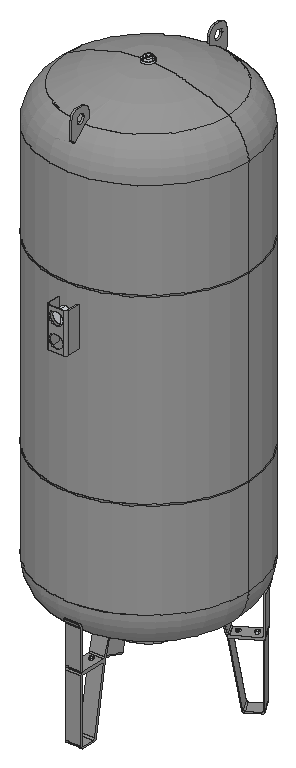
Revit family "WAV 1000", category Оборудование, Revit 2014
Parameters
  Описание = "Мембранный бак для водоснабжения V=1000л, Py=10бар, 2\""
  Материал = Синяя краска
  Масса кг = "165"
  Комментарии к типоразмеру = "WAV 1000"
  Изготовитель = "WESTER"  # constant formula
  URL = "http://www.wester.su/"
Reference planes
  plane 1 "По центру (Вперед/Назад)": y = 0
  plane 2: z = 0
  plane 3 "По центру (Влево/Вправо)": x = 0
Forms (mm)
  Revolve 1, solid, material "Синяя краска" <- "Материал"
    sketch origin (161.5, 0, 720.958) x (0, 0, 1) y (-1, 0, 0)
      loop
        line (-429.958, 161.5) -> (1511.629, 161.5)
        arc (1511.629, 161.5) -> (1490.652, 322.945) -> (1428.53, 473.429) r 622.453
        arc (1428.53, 473.429) -> (1371.454, 530.586) -> (1293.437, 551.51) r 155.907
        line (1293.437, 551.51) -> (911.282, 551.51)
        arc (911.282, 551.51) -> (908.782, 552.387) -> (906.282, 551.51) r 4
        line (906.282, 551.51) -> (182.452, 551.51)
        arc (182.452, 551.51) -> (179.952, 552.387) -> (177.452, 551.51) r 4
        line (177.452, 551.51) -> (-204.765, 551.51)
        arc (-204.765, 551.51) -> (-282.777, 530.591) -> (-339.873, 473.464) r 156.004
        arc (-339.873, 473.464) -> (-387.04, 371.473) -> (-415.161, 262.679) r 624.357
        line (-415.161, 262.679) -> (-429.958, 247.881) -> (-429.958, 161.5)
      axis (-429.958, 161.5) -> (1511.629, 161.5)
    angle from 0 to 360
  Revolve 2, solid, material "Синяя краска" <- "Материал"
    sketch origin (0, 0, 542.559) x (-1, 0, 0) y (0, 0, -1)
      loop
        line (0, 251.559) -> (120, 251.559) -> (120, 259.559) -> (100, 259.559) -> (100, 268.559) -> (125, 268.559) -> (125, 274.559) -> (27.498, 274.559)
        arc (27.498, 274.559) -> (26.619, 276.68) -> (24.498, 277.559) r 3
        line (24.498, 277.559) -> (24.498, 322.559) -> (19.506, 322.559) -> (19.506, 279.516) -> (0, 279.516) -> (0, 251.559)
      axis (0, 322.559) -> (0, 251.559)
    angle from 0 to 360
  Revolve 3, solid
    sketch origin (0, 0, 1581) x (1, 0, 0) y (0, 0, 1)
      loop
        line (-13.204, 667.82) -> (-13.204, 663) -> (-16, 663) -> (-16, 656.503) -> (-23.985, 656.503) -> (-23.985, 651.489) -> (0, 651.489) -> (0, 653.751) -> (-7.729, 653.751) -> (-9.298, 655.32) -> (-9.298, 669.819) -> (-11.205, 669.819) -> (-13.204, 667.82)
      axis (0, 669.819) -> (0, 651.489)
    angle from 0 to 360
  Extrusion 4, solid, material "Синяя краска" <- "Материал"
    sketch origin (0, 0, 0) x (0, 1, 0) y (0, 0, 1)
      loop
        line (-363.5, 256.711) -> (-363.5, 10)
        arc (-363.5, 10) -> (-360.571, 2.929) -> (-353.5, 0) r 10
        line (-353.5, 0) -> (-302.041, 0)
        arc (-302.041, 0) -> (-295.613, 2.34) -> (-292.193, 8.264) r 10
        line (-292.193, 8.264) -> (-248.28, 257.305)
        arc (-248.28, 257.305) -> (-250.055, 260.659) -> (-253.604, 262) r 5.366
        arc (-253.604, 262) -> (-247.516, 264.066) -> (-243.945, 269.412) r 10
        line (-243.945, 269.412) -> (-228.032, 328.8)
        arc (-228.032, 328.8) -> (-225.007, 332.569) -> (-220.184, 332.885) r 6
        line (-220.184, 332.885) -> (-211.645, 329.777) -> (-210.277, 333.536) -> (-218.816, 336.644)
        arc (-218.816, 336.644) -> (-226.854, 336.117) -> (-231.895, 329.835) r 10
        line (-231.895, 329.835) -> (-247.808, 270.447)
        arc (-247.808, 270.447) -> (-249.951, 267.24) -> (-253.604, 266) r 6
        line (-253.604, 266) -> (-355, 266)
        arc (-355, 266) -> (-359.243, 267.757) -> (-361, 272) r 6
        line (-361, 272) -> (-361, 421.321)
        arc (-361, 421.321) -> (-361.341, 423.909) -> (-362.34, 426.321) r 10
        line (-362.34, 426.321) -> (-371, 441.321) -> (-374.464, 439.321) -> (-365.804, 424.321)
        arc (-365.804, 424.321) -> (-365.204, 422.873) -> (-365, 421.321) r 6
        line (-365, 421.321) -> (-365, 272)
        arc (-365, 272) -> (-362.071, 264.929) -> (-355, 262) r 10
        line (-355, 262) -> (-359.63, 262)
        arc (-359.63, 262) -> (-362.466, 260.015) -> (-363.5, 256.711) r 5.366
      loop
        arc (-359.5, 10) -> (-357.743, 5.757) -> (-353.5, 4) r 6
        line (-353.5, 4) -> (-302.041, 4)
        arc (-302.041, 4) -> (-298.184, 5.404) -> (-296.132, 8.958) r 6
        line (-296.132, 8.958) -> (-252.62, 255.726)
        arc (-252.62, 255.726) -> (-253.286, 257.334) -> (-254.894, 258) r 2.274
        line (-254.894, 258) -> (-357.882, 258)
        arc (-357.882, 258) -> (-359.026, 257.526) -> (-359.5, 256.382) r 1.618
        line (-359.5, 256.382) -> (-359.5, 10)
    from -30 to 30
  Extrusion 5, solid, material "Синяя краска" <- "Материал"
    sketch origin (-6.607, 11.444, 0) x (-0.866025, -0.5, 0) y (0, 0, 1)
      loop
        line (-363.5, 256.711) -> (-363.5, 10)
        arc (-363.5, 10) -> (-360.571, 2.929) -> (-353.5, 0) r 10
        line (-353.5, 0) -> (-302.041, 0)
        arc (-302.041, 0) -> (-295.613, 2.34) -> (-292.193, 8.264) r 10
        line (-292.193, 8.264) -> (-248.28, 257.305)
        arc (-248.28, 257.305) -> (-250.055, 260.659) -> (-253.604, 262) r 5.366
        arc (-253.604, 262) -> (-247.516, 264.066) -> (-243.945, 269.412) r 10
        line (-243.945, 269.412) -> (-228.032, 328.8)
        arc (-228.032, 328.8) -> (-225.007, 332.569) -> (-220.184, 332.885) r 6
        line (-220.184, 332.885) -> (-211.645, 329.777) -> (-210.277, 333.536) -> (-218.816, 336.644)
        arc (-218.816, 336.644) -> (-226.854, 336.117) -> (-231.895, 329.835) r 10
        line (-231.895, 329.835) -> (-247.808, 270.447)
        arc (-247.808, 270.447) -> (-249.951, 267.24) -> (-253.604, 266) r 6
        line (-253.604, 266) -> (-355, 266)
        arc (-355, 266) -> (-359.243, 267.757) -> (-361, 272) r 6
        line (-361, 272) -> (-361, 421.321)
        arc (-361, 421.321) -> (-361.341, 423.909) -> (-362.34, 426.321) r 10
        line (-362.34, 426.321) -> (-371, 441.321) -> (-374.464, 439.321) -> (-365.804, 424.321)
        arc (-365.804, 424.321) -> (-365.204, 422.873) -> (-365, 421.321) r 6
        line (-365, 421.321) -> (-365, 272)
        arc (-365, 272) -> (-362.071, 264.929) -> (-355, 262) r 10
        line (-355, 262) -> (-359.63, 262)
        arc (-359.63, 262) -> (-362.466, 260.015) -> (-363.5, 256.711) r 5.366
      loop
        arc (-359.5, 10) -> (-357.743, 5.757) -> (-353.5, 4) r 6
        line (-353.5, 4) -> (-302.041, 4)
        arc (-302.041, 4) -> (-298.184, 5.404) -> (-296.132, 8.958) r 6
        line (-296.132, 8.958) -> (-252.62, 255.726)
        arc (-252.62, 255.726) -> (-253.286, 257.334) -> (-254.894, 258) r 2.274
        line (-254.894, 258) -> (-357.882, 258)
        arc (-357.882, 258) -> (-359.026, 257.526) -> (-359.5, 256.382) r 1.618
        line (-359.5, 256.382) -> (-359.5, 10)
    from -43.215 to 16.785
  Extrusion 6, solid, material "Синяя краска" <- "Материал"
    sketch origin (-44.612, -75.587, 0) x (0.866025, -0.5, 0) y (0, 0, 1)
      loop
        line (-363.5, 256.711) -> (-363.5, 10)
        arc (-363.5, 10) -> (-360.571, 2.929) -> (-353.5, 0) r 10
        line (-353.5, 0) -> (-302.041, 0)
        arc (-302.041, 0) -> (-295.613, 2.34) -> (-292.193, 8.264) r 10
        line (-292.193, 8.264) -> (-248.28, 257.305)
        arc (-248.28, 257.305) -> (-250.055, 260.659) -> (-253.604, 262) r 5.366
        arc (-253.604, 262) -> (-247.516, 264.066) -> (-243.945, 269.412) r 10
        line (-243.945, 269.412) -> (-228.032, 328.8)
        arc (-228.032, 328.8) -> (-225.007, 332.569) -> (-220.184, 332.885) r 6
        line (-220.184, 332.885) -> (-211.645, 329.777) -> (-210.277, 333.536) -> (-218.816, 336.644)
        arc (-218.816, 336.644) -> (-226.854, 336.117) -> (-231.895, 329.835) r 10
        line (-231.895, 329.835) -> (-247.808, 270.447)
        arc (-247.808, 270.447) -> (-249.951, 267.24) -> (-253.604, 266) r 6
        line (-253.604, 266) -> (-355, 266)
        arc (-355, 266) -> (-359.243, 267.757) -> (-361, 272) r 6
        line (-361, 272) -> (-361, 421.321)
        arc (-361, 421.321) -> (-361.341, 423.909) -> (-362.34, 426.321) r 10
        line (-362.34, 426.321) -> (-371, 441.321) -> (-374.464, 439.321) -> (-365.804, 424.321)
        arc (-365.804, 424.321) -> (-365.204, 422.873) -> (-365, 421.321) r 6
        line (-365, 421.321) -> (-365, 272)
        arc (-365, 272) -> (-362.071, 264.929) -> (-355, 262) r 10
        line (-355, 262) -> (-359.63, 262)
        arc (-359.63, 262) -> (-362.466, 260.015) -> (-363.5, 256.711) r 5.366
      loop
        arc (-359.5, 10) -> (-357.743, 5.757) -> (-353.5, 4) r 6
        line (-353.5, 4) -> (-302.041, 4)
        arc (-302.041, 4) -> (-298.184, 5.404) -> (-296.132, 8.958) r 6
        line (-296.132, 8.958) -> (-252.62, 255.726)
        arc (-252.62, 255.726) -> (-253.286, 257.334) -> (-254.894, 258) r 2.274
        line (-254.894, 258) -> (-357.882, 258)
        arc (-357.882, 258) -> (-359.026, 257.526) -> (-359.5, 256.382) r 1.618
        line (-359.5, 256.382) -> (-359.5, 10)
    from -117.766 to -57.766
  Extrusion 7, solid, material "Синяя краска" <- "Материал"
    sketch origin (0, 0, 380.625) x (0, 1, 0) y (0, 0, 1)
      loop
        line (295, 1805.446) -> (295, 1777.795) -> (361.865, 1722.311) -> (375, 1735.446) -> (375, 1805.446)
        arc (375, 1805.446) -> (366.213, 1826.659) -> (345, 1835.446) r 30
        line (345, 1835.446) -> (325, 1835.446)
        arc (325, 1835.446) -> (303.787, 1826.659) -> (295, 1805.446) r 30
      loop
        circle (335.055, 1795.467) r 20
      loop
        arc (-295, 1805.446) -> (-303.787, 1826.659) -> (-325, 1835.446) r 30
        line (-325, 1835.446) -> (-345, 1835.446)
        arc (-345, 1835.446) -> (-366.213, 1826.659) -> (-375, 1805.446) r 30
        line (-375, 1805.446) -> (-375, 1735.446) -> (-361.865, 1722.311) -> (-295, 1777.795) -> (-295, 1805.446)
      loop
        circle (-335.055, 1795.467) r 20
    from -4 to 4
  Revolve 8, solid
    sketch origin (0, 0, 388.125) x (0, 1, 0) y (0, 0, 1)
      loop
        line (-389.991, 1060) -> (-389.991, 1065.5) -> (-394, 1065.5) -> (-394, 1063.991) -> (-403.476, 1063.991) -> (-404.501, 1062.967) -> (-404.501, 1062.095) -> (-394, 1062.095) -> (-394, 1060) -> (-389.991, 1060)
      axis (-389.991, 1060) -> (-404.501, 1060)
    angle from 0 to 360
  Revolve 9, solid
    sketch origin (0, 0, 388.125) x (0, 1, 0) y (0, 0, 1)
      loop
        line (-389.969, 1140) -> (-389.969, 1152) -> (-393.5, 1152) -> (-393.5, 1147) -> (-403.5, 1147) -> (-403.5, 1165) -> (-431.714, 1165) -> (-431.714, 1140) -> (-389.969, 1140)
      axis (-389.969, 1140) -> (-431.714, 1140)
    angle from 0 to 360
  Extrusion 10, solid, material "Синяя краска" <- "Материал"
    sketch origin (0, 0, 0) x (1, 0, 0) y (0, 1, 0)
      loop
        line (40, -437.837) -> (40, -385.962) -> (36, -385.962) -> (36, -437.837)
        arc (36, -437.837) -> (34.243, -442.08) -> (30, -443.837) r 6
        line (30, -443.837) -> (-30, -443.837)
        arc (-30, -443.837) -> (-34.243, -442.08) -> (-36, -437.837) r 6
        line (-36, -437.837) -> (-36, -386.587) -> (-40, -386.587) -> (-40, -437.837)
        arc (-40, -437.837) -> (-37.071, -444.908) -> (-30, -447.837) r 10
        line (-30, -447.837) -> (30, -447.837)
        arc (30, -447.837) -> (37.071, -444.908) -> (40, -437.837) r 10
    from 1410.5 to 1565.5
  Extrusion 11, void
    sketch origin (0, 0, 388.125) x (1, 0, 0) y (0, 0, 1)
      loop
        circle (0, 1139.927) r 27.449
      loop
        circle (0, 1059.927) r 27.449
    from 443.837 to 447.837
Cuts and joins
  Extrusion 11 cuts Extrusion 10
  joined: Revolve 1, Extrusion 7, Extrusion 10
Dimensions and locks
  aligned and locked: level to plane 2
Nested families
  nested 1: "Болт" at (0, -107.984, 268) x (0, 1, 0) z (0, 0, -1), type "Болт"
  nested 2: "Болт" at (-93.625, -53.943, 268) x (0, 1, 0) z (0, 0, -1), type "Болт"
  nested 3: "Болт" at (-93.547, 53.952, 268) x (0, 1, 0) z (0, 0, -1), type "Болт"
  nested 4: "Болт" at (93.579, 54.029, 268) x (0, 1, 0) z (0, 0, -1), type "Болт"
  nested 5: "Болт" at (0, 108.014, 268) x (0, 1, 0) z (0, 0, -1), type "Болт"
  nested 6: "Болт" at (93.579, -54.025, 268) x (0, 1, 0) z (0, 0, -1), type "Болт"
  nested 7: "Болт" at (-239.03, 138.044, 266) x (-0.866, -0.5, 0) z (0, 0, 1), type "Болт"
    with L 20 mm
  nested 8: "Болт" at (-290.943, 167.993, 266) x (-0.866, -0.5, 0) z (0, 0, 1), type "Болт"
    with L 20 mm
  nested 9: "Болт" at (-290.943, 167.993, 258) x (0, 1, 0) z (0, 0, -1), type "Болт"
    with L 10 mm
  nested 10: "Болт" at (-239.03, 138.044, 258) x (0.866, 0.5, 0) z (0, 0, -1), type "Болт"
    with L 10 mm
  nested 11: "Болт" at (0, -275.938, 258) x (0, 1, 0) z (0, 0, -1), type "Болт"
    with L 10 mm
  nested 12: "Болт" at (0, -335.937, 258) x (0, 1, 0) z (0, 0, -1), type "Болт"
    with L 10 mm
  nested 13: "Болт" at (239.018, 138.008, 258) x (-0.866, -0.5, 0) z (0, 0, -1), type "Болт"
    with L 10 mm
  nested 14: "Болт" at (290.98, 168.008, 258) x (-0.866, -0.5, 0) z (0, 0, -1), type "Болт"
    with L 10 mm
  nested 15: "Болт" at (290.98, 168.008, 266) x (-0.866, -0.5, 0) z (0, 0, 1), type "Болт"
    with L 20 mm
  nested 16: "Болт" at (239.018, 138.008, 266) x (-0.866, -0.5, 0) z (0, 0, 1), type "Болт"
    with L 20 mm
  nested 17: "Болт" at (0, -275.938, 266) x (0, 1, 0) z (0, 0, 1), type "Болт"
    with L 20 mm
  nested 18: "Болт" at (0, -335.938, 266) x (0, 1, 0) z (0, 0, 1), type "Болт"
    with L 20 mm
Connectors
  piping at (0, 0, 220), diameter 50
    settings: on Revolve 2, index 1, connector inside diameter 609.6 mm, connector length 0 mm, flow factor 0, pipe flow 0.0 L/s, pressure drop 0.0 Pa, fitting loss kfactor 0, connector angle 0.00°, fixture units 0, engagement length 0 mm, angle of deflection 0.00°, flow configuration 1, flow direction 0, fitting loss method 0, system type 29, joint type 0, gender type 0, connector reference index -1, connector utility 0, adjustable connector no, is connector primary yes, connector description ""
Definition of nested family "Болт"
  Parameters (values of type "Болт")
    Default Elevation = 1219.2 mm
    L [instance] = 30 mm
  Reference planes
    plane 1 "По центру (Вперед/Назад)": y = 0
    plane 2: z = 0
    plane 3 "По центру (Влево/Вправо)": x = 0
    plane 4: z = -30
  Forms (mm)
    Extrusion 1, solid
      sketch origin (0, 0, 0) x (1, 0, 0) y (0, 1, 0)
        loop
          line (-1219.2, 1219.2) -> (-1219.2, -1219.2) -> (1219.2, -1219.2) -> (1219.2, 1219.2) -> (-1219.2, 1219.2)
      from 0 to -304.8
    Extrusion 2, solid, detail levels medium+fine
      sketch origin (0, 0, 0) x (0, 1, 0) y (-1, 0, 0)
        loop
          line (-6.5, -3.753) -> (0, -7.506) -> (6.5, -3.753) -> (6.5, 3.753) -> (0, 7.506) -> (-6.5, 3.753) -> (-6.5, -3.753)
      from 0 to 5.3
    Extrusion 3, solid, detail levels medium+fine
      sketch origin (0, 0, 0) x (1, 0, 0) y (0, 1, 0)
        loop
          circle (0, 0) r 4
      from -30 to 0
    Revolve 4, void
      sketch origin (0, 0, 0) x (1, 0, 0) y (0, 0, 1)
        loop
          line (-7.506, 4.447) -> (-6.413, 5.3) -> (-7.506, 5.3) -> (-7.506, 4.447)
        axis (0, 5.3) -> (0, 4.3)
      angle from 0 to 360
    Revolve 5, void
      sketch origin (0, 0, -51.56) x (1, 0, 0) y (0, 0, 1)
        loop
          line (-4, 21.56) -> (-2.365, 21.56) -> (-4, 23.195) -> (-4, 21.56)
        axis (0, 23.195) -> (0, 21.56)
      angle from 0 to 360
  Cuts and joins
    Revolve 4 cuts Extrusion 2
    Revolve 5 cuts Extrusion 3
    joined: Extrusion 2, Extrusion 3
  Dimensions and locks
    Extrusion 1 to cut or joined group of Extrusion 2, Extrusion 3, Revolve 4, Revolve 5 = 30 mm
    "L": level to plane 4
    locked: Revolve 5 sketch curve to plane 4 at 1.635
    aligned and locked: plane 2 to Extrusion 1
    aligned and locked: level to Extrusion 1
    aligned and locked: Revolve 4 sketch curve to plane 3 "По центру (Влево/Вправо)"
    aligned and locked: cut or joined group of Extrusion 2, Extrusion 3, Revolve 4, Revolve 5 to Revolve 4 sketch curve
    aligned and locked: Extrusion 3 to plane 4
    aligned and locked: cut or joined group of Extrusion 2, Extrusion 3, Revolve 4, Revolve 5 to plane 4
  Automatic sketch dimensions
    Extrusion 1 sketch curve to Extrusion 1 sketch curve = 2438.4 mm  (x2)
    plane 1 "По центру (Вперед/Назад)" to Extrusion 2 sketch curve = 0 mm  (x2)
    plane 1 "По центру (Вперед/Назад)" to Extrusion 2 sketch curve = 6.5 mm
    Extrusion 2 sketch curve to plane 1 "По центру (Вперед/Назад)" = 6.5 mm
    plane 3 "По центру (Влево/Вправо)" to Extrusion 2 sketch curve = 7.506 mm
    plane 3 "По центру (Влево/Вправо)" to Extrusion 2 sketch curve = 3.753 mm  (x2)
    Extrusion 2 sketch curve to plane 3 "По центру (Влево/Вправо)" = 3.753 mm  (x2)
    Extrusion 2 sketch curve to plane 3 "По центру (Влево/Вправо)" = 7.506 mm
    plane 1 "По центру (Вперед/Назад)" to Extrusion 3 sketch curve = 0 mm
    Extrusion 3 sketch curve to plane 3 "По центру (Влево/Вправо)" = 0 mm
    Revolve 4 sketch curve to plane 3 "По центру (Влево/Вправо)" = 6.413 mm
    Revolve 4 sketch curve to Revolve 4 sketch curve = 1.092 mm
    Revolve 4 sketch curve to Revolve 4 sketch curve = 0.853 mm
    Revolve 4 sketch curve to plane 4 = 544.04 mm
    Revolve 4 sketch curve to Revolve 4 sketch curve = 2603.758 mm
    plane 3 "По центру (Влево/Вправо)" to Revolve 5 sketch curve = 0 mm
    Revolve 5 sketch curve to plane 3 "По центру (Влево/Вправо)" = 2.365 mm
    Revolve 5 sketch curve to Revolve 5 sketch curve = 1.635 mm  (x2)
    Revolve 5 sketch curve to plane 4 = 595.6 mm
    level to Revolve 5 sketch curve = 2557.498 mm
    radius of Extrusion 3 sketch curve = 4 mm
